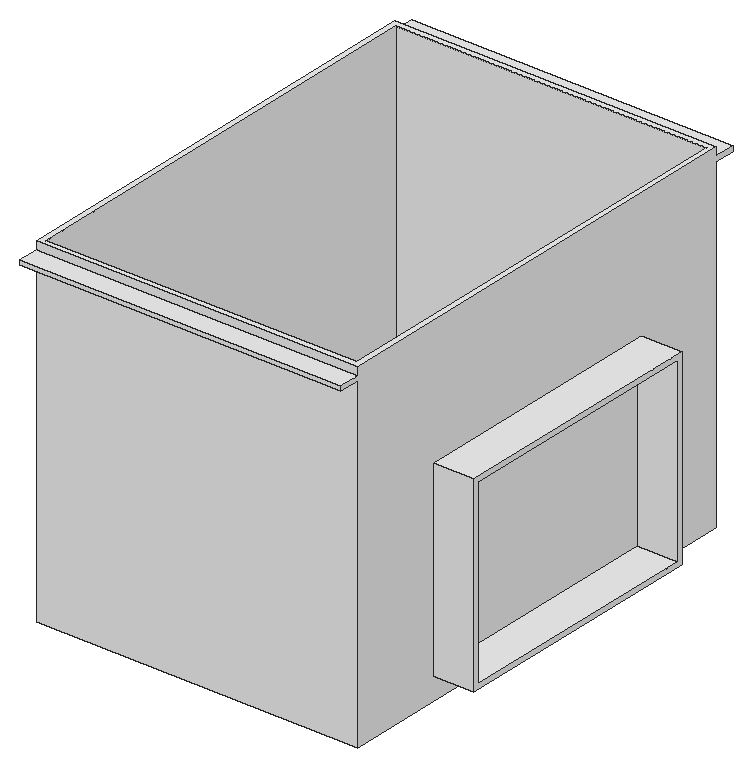
Revit family "Ceiling-Fan_VCDK 090-170I_Carnes", category Mechanical Equipment, host Ceiling, Revit 2012
Parameters
  ecoScorecard_data = ""
  ecoScorecard Product Page = "http://ecoscorecard.com/"
  Warranty URL = "http://www.carnes.com/GeneralCatalogs/termcond.pdf"
  Housing = Aluminum-Carnes-Spun-Brushed
  URL = "http://www.carnes.com/index.html"
  Specifications URL = ""
  Product Page URL = "http://www.carnes.com/ventilation/vcdd-vcdk.htm"
  Parts List URL = "http://www.carnes.com/ventilation/pdf/22005.pdf"
  Model = "VCDK 090-170I"  # constant formula
  Material = ""
  Manufacturer Toll Free Phone = ""
  Manufacturer Phone = "608-845-6411"  # constant formula
  Manufacturer Fax = "608-845-6470"  # constant formula
  Manufacturer Email = "mailto:carnes@carnes.com"
  Manufacturer Address = "448 S. Main St., P. O. Box 930040, Verona, WI 53593-0040"  # constant formula
  Manufacturer = "CARNES COMPANY"  # constant formula
  IOM Instructions URL = "http://www.carnes.com/ventilation/pdf/11240.pdf"
  Grill Size = "23 x 17"
  Grill Depth = 0' - 0 3/8"
  Duct Connector = "9-3/8 x 12-3/4"
  Description = "Ceiling Ventilators"  # constant formula
  Cost Info = "mailto:carnes@carnes.com"
  Catalog URL = "http://www.carnes.com/ventilation/pdf/C269-C295.pdf"
  Box Size = "22 x 15-3/4"
  Box Depth = 1' - 4 3/4"
  Assembly Code = "D3040200"
  95 CSI = "15850"  # constant formula
  04 CSI = "23 37 13"  # constant formula
Reference planes (in)
  plane 1 "Center (Front/Back)": y = 0
  plane 2 "Ceiling": z = 96
  plane 3 "Center (Left/Right)": x = 0
  plane 4: z = 95.625
  plane 5: z = 112.75
  plane 6: x = -7.875
  plane 7: y = 11.5
  plane 8: y = -11.5
  plane 9: x = 7.875
  plane 10: y = 11
  plane 11: x = -8.5
  plane 12: y = -11
  plane 13: x = 8.5
  plane 14: x = 7.61898
  plane 15: x = -9.88102
  plane 16: y = -6.125
  plane 17: x = 9.86898
  plane 18: y = -6.125
Forms (in)
  Sweep 1, solid, material "Aluminum-Carnes-Spun-Brushed" <- "Housing", detail levels fine
    path origin (-0.00602, 0, 95.625) x (0, -1, 0) y (1, 0, 0)
      loop
        line (-11, 7.875) -> (-11, -7.875) -> (11, -7.875) -> (11, 7.875) -> (-11, 7.875)
    profile origin (7.86898, 0, 95.625) x (1, 0, 0) y (0, 0, 1)
      loop
        line (-0.25, 0.375) -> (0, 0.375) -> (0, 17.125) -> (-0.25, 17.125) -> (-0.25, 0.375)
  Extrusion 2, solid, material "Aluminum-Carnes-Spun-Brushed" <- "Housing", detail levels fine
    sketch origin (-0.00602, 0, 95.625) x (0, 1, 0) y (0, 0, 1)
      loop
        line (-11, 16.75) -> (-12, 16.75) -> (-12, 16.5) -> (-11, 16.5) -> (-11, 16.75)
      loop
        line (12, 16.75) -> (11, 16.75) -> (11, 16.5) -> (12, 16.5) -> (12, 16.75)
    from -7.875 to 7.875
  Sweep 3, solid, material "Aluminum-Carnes-Spun-Brushed" <- "Housing", detail levels fine
    path origin (-0.00602, 0, 95.625) x (0, 1, 0) y (0, 0, 1)
      loop
        line (-6.375, 1.5) -> (6.375, 1.5) -> (6.375, 10.875) -> (-6.375, 10.875) -> (-6.375, 1.5)
    profile origin (-0.00602, -6.375, 101.8125) x (0, -1, 0) y (1, 0, 0)
      loop
        line (0, -7.875) -> (-0.25, -7.875) -> (-0.25, -9.875) -> (0, -9.875) -> (0, -7.875)
  Sweep 4, solid, material "Aluminum-Carnes-Spun-Brushed" <- "Housing", detail levels fine
    path origin (-0.00602, 0, 95.625) x (0, 1, 0) y (0, 0, -1)
      loop
        line (-6.375, -1.5) -> (-6.375, -10.875) -> (6.375, -10.875) -> (6.375, -1.5) -> (-6.375, -1.5)
    profile origin (-0.00602, -6.375, 101.8125) x (0, 1, 0) y (-1, 0, 0)
      loop
        line (0, -7.875) -> (0, -9.875) -> (0.25, -9.875) -> (0.25, -7.875) -> (0, -7.875)
Cuts and joins
  joined: Sweep 1, Extrusion 2, Sweep 3
Lines and regions (in)
  Opening 1
    outline origin (-60, 60, 97) x (-1, 0, 0) y (0, -1, 0)
      loop
        line (-51.49398, 48.5) -> (-51.49398, 71.5) -> (-68.49398, 71.5) -> (-68.49398, 48.5) -> (-51.49398, 48.5)
  model lines, detail levels coarse+medium
    curve 1: line (7.86898, 12, 96) -> (-7.88102, 12, 96)
    curve 2: line (9.86898, -6.375, 96) -> (9.86898, 6.375, 96)
    curve 3: line (8.49398, -11.5, 96) -> (8.49398, -6.375, 96)
    curve 4: line (-8.50602, 11.5, 96) -> (-8.50602, 6.375, 96)
    curve 5: line (-9.88102, 6.375, 96) -> (-9.88102, -6.375, 96)
    curve 6: line (-8.50602, 6.375, 96) -> (-9.88102, 6.375, 96)
    curve 7: line (9.86898, 6.375, 96) -> (8.49398, 6.375, 96)
    curve 8: line (8.49398, -6.375, 96) -> (9.86898, -6.375, 96)
    curve 9: line (-9.88102, -6.375, 96) -> (-8.50602, -6.375, 96)
    curve 10: line (8.49398, 11.5, 96) -> (7.86898, 11.5, 96)
    curve 11: line (-7.88102, 12, 96) -> (-7.88102, 11.5, 96)
    curve 12: line (7.86898, -12, 96) -> (7.86898, -11.5, 96)
    curve 13: line (-8.50602, -11.5, 96) -> (-7.88102, -11.5, 96)
    curve 14: line (8.49398, 6.375, 96) -> (8.49398, 11.5, 96)
    curve 15: line (7.86898, 11.5, 96) -> (7.86898, 12, 96)
    curve 16: line (7.86898, -11.5, 96) -> (8.49398, -11.5, 96)
    curve 17: line (-7.88102, -11.5, 96) -> (-7.88102, -12, 96)
    curve 18: line (-8.50602, -6.375, 96) -> (-8.50602, -11.5, 96)
    curve 19: line (-7.88102, 11.5, 96) -> (-8.50602, 11.5, 96)
    curve 20: line (-7.88102, -12, 96) -> (7.86898, -12, 96)
Dimensions and locks (in)
  equal spacing: host sketch curve, plane 3 "Center (Left/Right)", host sketch curve
  equal spacing: host sketch curve, plane 1 "Center (Front/Back)", host sketch curve
  host sketch curve to host sketch curve = 10' - 0"  (x2)
  "Grill Depth": plane 2 "Ceiling" to plane 4
  "Box Depth": plane 5 to plane 2 "Ceiling"
  equal spacing: plane 7, plane 1 "Center (Front/Back)", plane 8
  plane 7 to plane 8 = 1' - 11"
  equal spacing: plane 6, plane 3 "Center (Left/Right)", plane 9
  plane 6 to plane 9 = 1' - 3 3/4"
  equal spacing: plane 11, plane 3 "Center (Left/Right)", plane 13
  plane 11 to plane 13 = 1' - 5"
  equal spacing: plane 12, plane 1 "Center (Front/Back)", plane 10
  plane 10 to plane 12 = 1' - 10"
  aligned and locked: Sweep 1 sketch curve to plane 14
  aligned and locked: Sweep 3 sketch curve to plane 16
  aligned and locked: plane 15 to Sweep 3 sketch curve
  aligned and locked: Sweep 1 sketch curve to plane 2 "Ceiling"
  aligned and locked: Sweep 1 sketch curve to plane 5
  aligned and locked: plane 18 to Sweep 4 sketch curve
  aligned and locked: plane 17 to Sweep 4 sketch curve
  aligned and locked: Sweep 4 to cut or joined group of Sweep 1, Extrusion 2, Sweep 3  (x2)
Automatic sketch dimensions
  Sweep 1 sketch curve to plane 10 = 0' - 0"
  plane 12 to Sweep 1 sketch curve = 0' - 0"
  Sweep 1 sketch curve to plane 6 = 0' - 0.00602"
  plane 9 to Sweep 1 sketch curve = 0' - 0.00602"
  profile plane to Sweep 1 sketch curve = 0' - 0"
  Extrusion 2 sketch curve to plane 12 = 0' - 0"
  Extrusion 2 sketch curve to plane 10 = 0' - 0"
  plane 8 to Extrusion 2 sketch curve = 0' - 0 1/2"
  plane 7 to Extrusion 2 sketch curve = 0' - 0 1/2"
  Extrusion 2 sketch curve to plane 5 = 0' - 0 5/8"  (x2)
  Extrusion 2 sketch curve to Extrusion 2 sketch curve = 0' - 0 1/4"  (x2)
  Sweep 3 sketch curve to plane 12 = 0' - 4 5/8"
  Sweep 3 sketch curve to plane 10 = 0' - 4 5/8"
  plane 2 "Ceiling" to Sweep 3 sketch curve = 0' - 1 1/8"
  Sweep 3 sketch curve to plane 5 = 0' - 6 1/4"
  Sweep 3 sketch curve to profile plane = 0' - 0"
  plane 15 to Sweep 3 sketch curve = 0' - 2"
  Opening 1 sketch curve to plane 7 = 0' - 0"
  plane 13 to Opening 1 sketch curve = 0' - 0.00602"
  Opening 1 sketch curve to plane 8 = 0' - 0"
  Opening 1 sketch curve to plane 11 = 0' - 0.00602"
  Sweep 4 sketch curve to plane 12 = 0' - 4 5/8"
  Sweep 4 sketch curve to plane 10 = 0' - 4 5/8"
  Sweep 4 sketch curve to plane 5 = 0' - 6 1/4"
  plane 2 "Ceiling" to Sweep 4 sketch curve = 0' - 1 1/8"
  profile plane to Sweep 4 sketch curve = 0' - 0"
  plane 17 to Sweep 4 sketch curve = 0' - 2"
  plane 8 to curve 18 = 0' - 0"
  curve 5 to plane 11 = 0' - 1.38102"
  curve 18 to plane 11 = 0' - 0.00602"
  plane 13 to curve 3 = 0' - 0.00602"
  curve 2 to plane 13 = 0' - 1.36898"
  curve 2 to plane 12 = 0' - 4 5/8"
  curve 5 to plane 12 = 0' - 4 5/8"
  curve 6 to plane 10 = 0' - 4 5/8"
  curve 2 to plane 10 = 0' - 4 5/8"
  plane 7 to curve 1 = 0' - 0 1/2"
  plane 8 to curve 17 = 0' - 0 1/2"
  curve 13 to plane 6 = 0' - 0.00602"
  curve 19 to plane 7 = 0' - 0"
  curve 1 to plane 6 = 0' - 0.00602"
  curve 15 to plane 7 = 0' - 0"
  plane 9 to curve 15 = 0' - 0.00602"
  plane 13 to curve 14 = 0' - 0.00602"
  plane 9 to curve 12 = 0' - 0.00602"
  plane 8 to curve 16 = 0' - 0"
  curve 4 to plane 11 = 0' - 0.00602"
